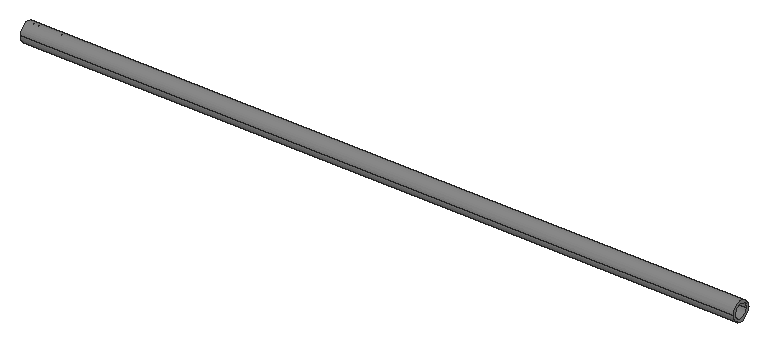
Revit family "M_HSS-Round Structural Tubing", category Armazón estructural, Revit 2025
Family settings
  Redondeo de longitud de armazón estructural = 0 mm
  Forma de sección = Sin definir
  Material para comportamiento de modelo = Acero
  Exportar siempre como geometría = No
  Número OmniClass = 23.25.30.11.14.14
  Título OmniClass = Beams
  Siempre vertical = Sí
  Corte con vacíos al cargar = No
  Representación simbólica = Desde configuración de proyecto
  Compartido = No
  Mostrar corte previo de familia en vistas de plano = Sí
Parameters (values of type "HSS (42.4x3.2mm)")
  t = 3.6 mm
  W = 1.52
  Material estructural = JG_Metal Stud Layer
  Length [instance] = 1500 mm
  OD = 31.8 mm
  Assembly Code = ""
  A = 0.0184 m²
  10. SISTEMA = "ESTRUCTURA METALICA"
  06. DESCRIPCION = "Tubo de soporte Ø1 1/4\""
  03. CODIGO DE ELEMENTO = ""
  02. ELEMENTO = "TUBO"
Reference planes
  plane 1 "Center (Front/Back)": y = 0
  plane 2: z = 0
  plane 3 "Center (Left/Right)": x = 4.61
  plane 4 "Member Left": x = -604.99
  plane 5 "Member Right": x = 614.21
  plane 6: y = 15.9
  plane 7: y = -15.9
  plane 8 "Top": z = 15.9
  plane 9: z = -15.9
  plane 10 "Left": x = -757.39
  plane 11 "Right": x = 742.61
Forms (mm)
  Extrusion 1, solid, material "JG_Metal Stud Layer" <- "Material estructural", detail levels medium+fine
    sketch origin (4.61, 0, 0) x (0, 1, 0) y (0, 0, 1)
      loop
        circle (0, 0) r 15.9
      loop
        circle (0, 0) r 12.3
    from -609.6 to 609.6
Lines and regions (mm)
  symbolic lines, style "Stick Symbols", detail levels coarse
    curve 1: arc (0, 15.9, 0) -> (0, 0, -15.9) -> (0, -15.9, 0) r 15.9
    curve 2: arc (0, -15.9, 0) -> (0, 0, 15.9) -> (0, 15.9, 0) r 15.9
Dimensions and locks
  "OD": plane 6 to plane 7
  "OD": plane 9 to plane 8 "Top"
  equal spacing: plane 9, plane 2, plane 8 "Top"
  equal spacing: plane 6, plane 1 "Center (Front/Back)", plane 7
  "Length": plane 10 "Left" to plane 11 "Right"
  "t": plane 6 to Extrusion 1 sketch curve
  "t": Extrusion 1 sketch curve to plane 7
  aligned and locked: plane 4 "Member Left" to Extrusion 1
  aligned and locked: Extrusion 1 to plane 5 "Member Right"
Automatic sketch dimensions
  curve 1 to level = 0 mm
  curve 1 to plane 7 = 0 mm
  curve 1 to plane 1 "Center (Front/Back)" = 0 mm
  Extrusion 1 sketch curve to Extrusion 1 sketch curve = 0 mm  (x2)
  Extrusion 1 sketch curve to level = 0 mm
  Extrusion 1 sketch curve to plane 7 = 0 mm
